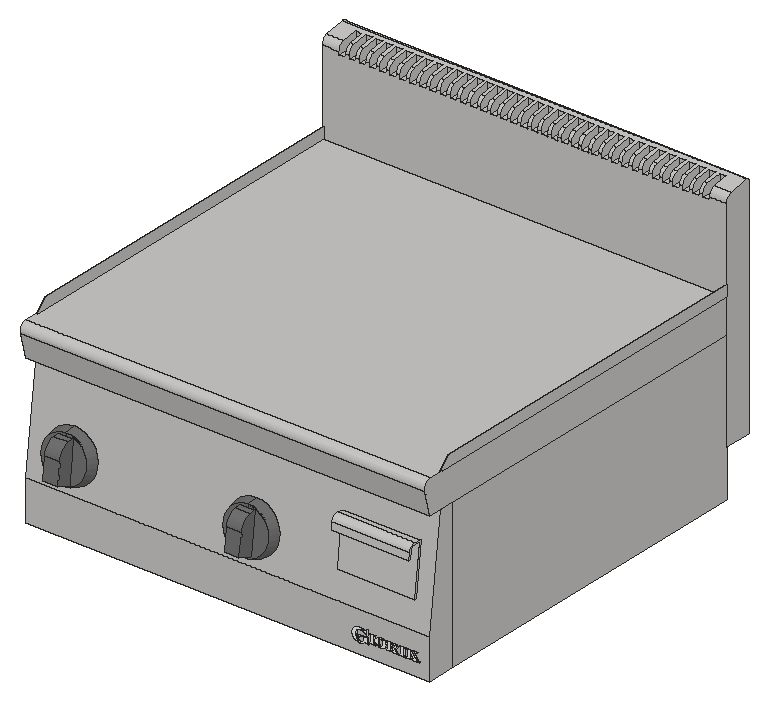
Revit family "QF_GIORIK_LGE6931", category Specialty Equipment, Revit 2014
Parameters (values of type "LGE6931")
  Weight in Pounds = 132.2772
  Watts = 7200 W
  Volts = 230 V
  URL Cutsheet = "www.giorik.com"
  URL = "www.giorik.com"
  Status [instance] = ""
  Specification by User [instance] = ""
  Specification by Manufacturer = ""
  Show Logo [instance] = yes
  Show Clearance [instance] = yes
  Serial Number = ""
  Seismic Rating = ""
  SMACNA No = ""
  Revision Code [instance] = ""
  Phase = 1
  Number of Poles [instance] = 1
  NAFEM Spec ID Number = ""
  Model = "LGE6931"
  Min Ckt Ampacity = 0 A
  Max Overcurrent Protection = 0 A
  Masterspec = ""
  Manufacturer = "GIORIK"
  Item Number [instance] = ""
  Installed By [instance] = ""
  Identify Quantity as Lot [instance] = no
  HP = "9.655344000000"
  Furnished By [instance] = ""
  Foodservice Equipment Identifier [instance] = yes
  FL Amps = 0 A
  Electrical Remarks [instance] = ""
  Electric Connection Type [instance] = ""
  Elec Conn RI Height [instance] = 0 mm
  Elec Conn Connection Height [instance] = 0 mm
  Description = "GRIDDLE SMOOTH"
  Cycle = 50 Hz
  Conn Plug = ""
  CSI MasterFormat = ""
  Assembly Code = "E1090320"
  Apparent Power = 7200 VA
Types (2, lengths in mm): name | Volts | Phase | Number of Poles | Model
  LGE6931 | 230 V | 1 | 1 | "LGE6931"
  LGE6933 | 400 V | 3 | 3 | "LGE6933"
Reference planes
  plane 1 "Back": y = 0
  plane 2: z = 0
  plane 3 "Left": x = 0
  plane 4 "Right": x = 600
  plane 5 "Front": y = -600
  plane 6 "Top": z = 430
Forms (mm)
  Extrusion 1, solid
    sketch origin (0, 1000, -580) x (0, 1, 0) y (0, 0, 1)
      loop
        line (-1040.007, 869.975) -> (-1589.445, 869.975)
        arc (-1589.445, 869.975) -> (-1598.171, 865.672) -> (-1600.069, 856.13) r 10.999
        line (-1600.069, 856.13) -> (-1590.388, 820) -> (-1040.007, 820) -> (-1040.007, 869.975)
    from 0 to 600
  Extrusion 2, solid
    sketch origin (0, 0, -560) x (0, 1, 0) y (0, 0, 1)
      loop
        line (-570.06, 849.975) -> (-40.007, 849.975) -> (-40.007, 865.387) -> (-554.648, 865.387) -> (-570.06, 849.975)
    from 0 to 1.85
  Extrusion 3, solid
    sketch origin (0, 0, -560) x (0, 1, 0) y (0, 0, 1)
      loop
        line (-40.007, 800) -> (-550, 800) -> (-550, 580) -> (-40.007, 580) -> (-40.007, 800)
    from 0 to 600
  Extrusion 4, solid
    sketch origin (0, 0, -560) x (0, 1, 0) y (0, 0, 1)
      loop
        line (-550, 800) -> (-570.5, 800) -> (-590, 640) -> (-590, 580) -> (-550, 580) -> (-550, 800)
    from 0 to 600
  Revolve 5, solid
    sketch origin (75.155, 0.456, -560.03) x (0, 1, 0) y (0, 0, 1)
      loop
        line (-598.03, 706.389) -> (-594.27, 737.013) -> (-609.648, 734.852) -> (-613.772, 701.269) -> (-581.482, 697.305) -> (-580.629, 704.252) -> (-598.03, 706.389)
      axis (-581.482, 697.305) -> (-613.772, 701.269)
    angle from 0 to 360
  Extrusion 6, solid
    sketch origin (598.094, 0, -560) x (0, 1, 0) y (0, 0, 1)
      loop
        line (-570.06, 849.975) -> (-40.007, 849.975) -> (-40.007, 865.387) -> (-554.648, 865.387) -> (-570.06, 849.975)
    from -0.15 to 1.906
  Extrusion 7, solid
    sketch origin (0, 0, -560) x (0, 1, 0) y (0, 0, 1)
      loop
        line (-40.007, 974.217) -> (-40.007, 650.827) -> (0, 650.827) -> (0, 988.42)
        arc (0, 988.42) -> (-0.57, 989.648) -> (-1.878, 990) r 1.6
        line (-1.878, 990) -> (-31.072, 984.852)
        arc (-31.072, 984.852) -> (-37.477, 981.162) -> (-40.007, 974.217) r 10.797
    from 0 to 600
  Extrusion 8, solid
    sketch origin (-87.831, 0.456, -560.03) x (0, 1, 0) y (0, 0, 1)
      loop
        line (-635.843, 711.553) -> (-639.647, 680.575) -> (-617.415, 671.593) -> (-610.135, 730.882) -> (-617.934, 729.786)
        arc (-617.934, 729.786) -> (-629.982, 723.708) -> (-635.843, 711.553) r 20.998
    from 151.831 to 173.831
  Revolve 9, solid
    sketch origin (345.155, 0.456, -560.03) x (0, 1, 0) y (0, 0, 1)
      loop
        line (-598.03, 706.389) -> (-594.27, 737.013) -> (-609.648, 734.852) -> (-613.772, 701.269) -> (-581.482, 697.305) -> (-580.629, 704.252) -> (-598.03, 706.389)
      axis (-581.482, 697.305) -> (-613.772, 701.269)
    angle from 0 to 360
  Extrusion 10, solid
    sketch origin (182.169, 0.456, -560.03) x (0, 1, 0) y (0, 0, 1)
      loop
        line (-635.843, 711.553) -> (-639.647, 680.575) -> (-617.415, 671.593) -> (-610.135, 730.882) -> (-617.934, 729.786)
        arc (-617.934, 729.786) -> (-629.982, 723.708) -> (-635.843, 711.553) r 20.998
    from 151.831 to 173.831
  Extrusion 11, solid
    sketch origin (568.319, 0, -561) x (1, 0, 0) y (0, 0, 1)
      loop
        circle (-38.319, 606) r 12.5
    from 20.007 to 40.007
  Extrusion 12, solid, visible <- "Show Logo"
    sketch origin (391.604, -590.5, -6.113) x (-1, 0, 0) y (0, 0, 1)
      loop
        line (-118.824, 58.358) -> (-127.804, 58.358) -> (-125.523, 56.445) -> (-125.523, 48.027) -> (-127.804, 46.113) -> (-118.824, 46.113) -> (-121.105, 48.027) -> (-121.105, 56.445) -> (-118.824, 58.358)
      loop
        line (-163.721, 58.358) -> (-172.7, 58.358) -> (-170.42, 56.445) -> (-170.42, 48.027) -> (-172.7, 46.113) -> (-163.721, 46.113) -> (-166.001, 48.027) -> (-166.001, 56.445) -> (-163.721, 58.358)
      loop
        line (-174.332, 58.358) -> (-183.312, 58.358) -> (-181.031, 56.445) -> (-181.031, 52.435) -> (-186.419, 56.955) -> (-184.416, 58.358) -> (-191.268, 58.358) -> (-188.01, 56.839) -> (-185.455, 54.283) -> (-190.846, 47.858) -> (-193.396, 46.93) -> (-193.396, 46.113) -> (-184.416, 46.113) -> (-185.437, 47.571) -> (-182.443, 51.552) -> (-181.031, 50.894) -> (-181.031, 48.027) -> (-183.312, 46.113) -> (-174.332, 46.113) -> (-176.613, 48.027) -> (-176.613, 56.445) -> (-174.332, 58.358)
      loop
        line (-115.429, 62.063) -> (-115.429, 54.198)
        arc (-115.429, 54.198) -> (-111.618, 57.803) -> (-106.847, 59.986) r 16.039
        arc (-106.847, 59.986) -> (-103.314, 59.837) -> (-100.512, 57.68) r 5.851
        arc (-100.512, 57.68) -> (-98.815, 52.267) -> (-100.512, 46.853) r 9.479
        arc (-100.512, 46.853) -> (-102.406, 44.986) -> (-104.846, 43.93) r 7.236
        arc (-104.846, 43.93) -> (-107.728, 44.111) -> (-110.052, 45.825) r 5.11
        line (-110.052, 45.825) -> (-110.052, 52.001) -> (-116.141, 52.001) -> (-116.141, 45.503) -> (-117.893, 43.751) -> (-114.094, 44.769)
        arc (-114.094, 44.769) -> (-112.56, 44.947) -> (-111.129, 44.366) r 3.115
        arc (-111.129, 44.366) -> (-104.216, 42.091) -> (-97.303, 44.366) r 11.641
        arc (-97.303, 44.366) -> (-93.396, 52.107) -> (-97.303, 59.849) r 9.622
        arc (-97.303, 59.849) -> (-104.369, 62.174) -> (-111.435, 59.849) r 11.898
        line (-111.435, 59.849) -> (-115.429, 62.063)
      loop
        arc (-129.234, 56.068) -> (-135.893, 58.628) -> (-142.552, 56.068) r 9.941
        arc (-142.552, 56.068) -> (-144.234, 52.286) -> (-142.552, 48.505) r 5.093
        arc (-142.552, 48.505) -> (-135.893, 45.945) -> (-129.234, 48.505) r 9.941
        arc (-129.234, 48.505) -> (-127.552, 52.286) -> (-129.234, 56.068) r 5.093
      loop
        arc (-132.628, 54.403) -> (-135.893, 57.668) -> (-139.158, 54.403) r 3.265
        line (-139.158, 54.403) -> (-139.158, 50.169)
        arc (-139.158, 50.169) -> (-135.893, 46.904) -> (-132.628, 50.169) r 3.265
        line (-132.628, 50.169) -> (-132.628, 54.403)
      loop
        arc (-156.363, 58.365) -> (-159.647, 55.081) -> (-156.363, 51.796) r 3.285
        line (-156.363, 51.796) -> (-159.529, 47.306) -> (-162.087, 46.113) -> (-155.847, 46.113) -> (-153.529, 51.083) -> (-150.637, 51.083) -> (-150.637, 47.784) -> (-153.022, 46.113) -> (-144.011, 46.113) -> (-146.094, 47.68) -> (-146.094, 56.493) -> (-144.229, 58.365) -> (-156.363, 58.365)
      loop
        line (-150.637, 57.512) -> (-153.637, 57.512)
        arc (-153.637, 57.512) -> (-156.237, 54.912) -> (-153.637, 52.312) r 2.6
        line (-153.637, 52.312) -> (-150.637, 52.312) -> (-150.637, 57.512)
      loop
        line (-108.924, 52.001) -> (-104.936, 49.005) -> (-100.948, 52.001) -> (-108.924, 52.001)
    from 1.5 to -0.5
  Extrusion 13, void
    sketch origin (10, 0, 430) x (0, 1, 0) y (-1, 0, 0)
      loop
        line (-40.007, -25) -> (-9.931, -25) -> (-9.931, -15) -> (-40.007, -15) -> (-40.007, -25)
      loop
        line (-40.007, -40) -> (-9.931, -40) -> (-9.931, -30) -> (-40.007, -30) -> (-40.007, -40)
      loop
        line (-40.007, -55) -> (-9.931, -55) -> (-9.931, -45) -> (-40.007, -45) -> (-40.007, -55)
      loop
        line (-40.007, -70) -> (-9.931, -70) -> (-9.931, -60) -> (-40.007, -60) -> (-40.007, -70)
      loop
        line (-40.007, -85) -> (-9.931, -85) -> (-9.931, -75) -> (-40.007, -75) -> (-40.007, -85)
      loop
        line (-40.007, -100) -> (-9.931, -100) -> (-9.931, -90) -> (-40.007, -90) -> (-40.007, -100)
      loop
        line (-40.007, -115) -> (-9.931, -115) -> (-9.931, -105) -> (-40.007, -105) -> (-40.007, -115)
      loop
        line (-40.007, -130) -> (-9.931, -130) -> (-9.931, -120) -> (-40.007, -120) -> (-40.007, -130)
      loop
        line (-40.007, -145) -> (-9.931, -145) -> (-9.931, -135) -> (-40.007, -135) -> (-40.007, -145)
      loop
        line (-40.007, -160) -> (-9.931, -160) -> (-9.931, -150) -> (-40.007, -150) -> (-40.007, -160)
      loop
        line (-40.007, -175) -> (-9.931, -175) -> (-9.931, -165) -> (-40.007, -165) -> (-40.007, -175)
      loop
        line (-40.007, -190) -> (-9.931, -190) -> (-9.931, -180) -> (-40.007, -180) -> (-40.007, -190)
      loop
        line (-40.007, -205) -> (-9.931, -205) -> (-9.931, -195) -> (-40.007, -195) -> (-40.007, -205)
      loop
        line (-40.007, -220) -> (-9.931, -220) -> (-9.931, -210) -> (-40.007, -210) -> (-40.007, -220)
      loop
        line (-40.007, -235) -> (-9.931, -235) -> (-9.931, -225) -> (-40.007, -225) -> (-40.007, -235)
      loop
        line (-40.007, -250) -> (-9.931, -250) -> (-9.931, -240) -> (-40.007, -240) -> (-40.007, -250)
      loop
        line (-40.007, -265) -> (-9.931, -265) -> (-9.931, -255) -> (-40.007, -255) -> (-40.007, -265)
      loop
        line (-40.007, -280) -> (-9.931, -280) -> (-9.931, -270) -> (-40.007, -270) -> (-40.007, -280)
      loop
        line (-40.007, -295) -> (-9.931, -295) -> (-9.931, -285) -> (-40.007, -285) -> (-40.007, -295)
      loop
        line (-40.007, -310) -> (-9.931, -310) -> (-9.931, -300) -> (-40.007, -300) -> (-40.007, -310)
      loop
        line (-40.007, -325) -> (-9.931, -325) -> (-9.931, -315) -> (-40.007, -315) -> (-40.007, -325)
      loop
        line (-40.007, -340) -> (-9.931, -340) -> (-9.931, -330) -> (-40.007, -330) -> (-40.007, -340)
      loop
        line (-40.007, -355) -> (-9.931, -355) -> (-9.931, -345) -> (-40.007, -345) -> (-40.007, -355)
      loop
        line (-40.007, -370) -> (-9.931, -370) -> (-9.931, -360) -> (-40.007, -360) -> (-40.007, -370)
      loop
        line (-40.007, -385) -> (-9.931, -385) -> (-9.931, -375) -> (-40.007, -375) -> (-40.007, -385)
      loop
        line (-40.007, -400) -> (-9.931, -400) -> (-9.931, -390) -> (-40.007, -390) -> (-40.007, -400)
      loop
        line (-40.007, -415) -> (-9.931, -415) -> (-9.931, -405) -> (-40.007, -405) -> (-40.007, -415)
      loop
        line (-40.007, -430) -> (-9.931, -430) -> (-9.931, -420) -> (-40.007, -420) -> (-40.007, -430)
      loop
        line (-40.007, -445) -> (-9.931, -445) -> (-9.931, -435) -> (-40.007, -435) -> (-40.007, -445)
      loop
        line (-40.007, -460) -> (-9.931, -460) -> (-9.931, -450) -> (-40.007, -450) -> (-40.007, -460)
      loop
        line (-40.007, -475) -> (-9.931, -475) -> (-9.931, -465) -> (-40.007, -465) -> (-40.007, -475)
      loop
        line (-40.007, -490) -> (-9.931, -490) -> (-9.931, -480) -> (-40.007, -480) -> (-40.007, -490)
      loop
        line (-40.007, -505) -> (-9.931, -505) -> (-9.931, -495) -> (-40.007, -495) -> (-40.007, -505)
      loop
        line (-40.007, -520) -> (-9.931, -520) -> (-9.931, -510) -> (-40.007, -510) -> (-40.007, -520)
      loop
        line (-40.007, -535) -> (-9.931, -535) -> (-9.931, -525) -> (-40.007, -525) -> (-40.007, -535)
      loop
        line (-40.007, -550) -> (-9.931, -550) -> (-9.931, -540) -> (-40.007, -540) -> (-40.007, -550)
      loop
        line (-40.007, -565) -> (-9.931, -565) -> (-9.931, -555) -> (-40.007, -555) -> (-40.007, -565)
    from 0 to -20
  Extrusion 14, solid
    sketch origin (566.603, 15.293, -30) x (0, 1, 0) y (-1, 0, 0)
      loop
        circle (-79.293, 516.603) r 5
    from 41.965 to 50
  Revolve 15, solid
    sketch origin (50, 19.943, -600) x (0, 1, 0) y (0, 0, 1)
      loop
        line (-83.943, 611.965) -> (-94.752, 611.965) -> (-97.943, 600) -> (-83.943, 600) -> (-83.943, 611.965)
      axis (-83.943, 611.965) -> (-83.943, 600)
    angle from 0 to 360
  Extrusion 16, solid
    sketch origin (33.397, 15.293, -30) x (0, 1, 0) y (-1, 0, 0)
      loop
        circle (-79.293, -516.603) r 5
    from 41.965 to 50
  Revolve 17, solid
    sketch origin (550, 19.943, -600) x (0, 1, 0) y (0, 0, -1)
      loop
        line (-83.943, -611.965) -> (-83.943, -600) -> (-97.943, -600) -> (-94.752, -611.965) -> (-83.943, -611.965)
      axis (-83.943, -611.965) -> (-83.943, -600)
    angle from 0 to 360
  Extrusion 18, solid
    sketch origin (566.603, -459.707, -30) x (0, 1, 0) y (-1, 0, 0)
      loop
        circle (-79.293, 516.603) r 5
    from 41.965 to 50
  Revolve 19, solid
    sketch origin (50, -455.057, -600) x (0, 1, 0) y (0, 0, 1)
      loop
        line (-83.943, 611.965) -> (-94.752, 611.965) -> (-97.943, 600) -> (-83.943, 600) -> (-83.943, 611.965)
      axis (-83.943, 611.965) -> (-83.943, 600)
    angle from 0 to 360
  Extrusion 20, solid
    sketch origin (33.397, -459.707, -30) x (0, 1, 0) y (-1, 0, 0)
      loop
        circle (-79.293, -516.603) r 5
    from 41.965 to 50
  Revolve 21, solid
    sketch origin (550, -455.057, -600) x (0, 1, 0) y (0, 0, -1)
      loop
        line (-83.943, -611.965) -> (-83.943, -600) -> (-97.943, -600) -> (-94.752, -611.965) -> (-83.943, -611.965)
      axis (-83.943, -611.965) -> (-83.943, -600)
    angle from 0 to 360
  Extrusion 22, solid
    sketch origin (322.5, -693.34, -437.283) x (0, 0.992655, -0.12098) y (0, 0.12098, 0.992655)
      loop
        line (40, 640.1) -> (30, 640.1)
        arc (30, 640.1) -> (22.929, 637.171) -> (20, 630.1) r 10
        line (20, 630.1) -> (20, 620.1) -> (22, 620.1) -> (22, 630.1)
        arc (22, 630.1) -> (24.343, 635.757) -> (30, 638.1) r 8
        line (30, 638.1) -> (38, 638.1) -> (38, 565.1) -> (40, 565.1) -> (40, 640.1)
    from 137.5 to 252.5
Cuts and joins
  Extrusion 13 cuts Extrusion 7
Lines and regions (mm)
  symbolic lines, style "200-EquipBorder-2D"
    curve 1: line (600, 0, 0) -> (0, 0, 0)
    curve 2: line (0, 0, 0) -> (0, -600, 0)
    curve 119: line (600, -600, 430) -> (600, 0, 430)
    curve 120: line (600, -600, 430) -> (0, -600, 430)
    curve 121: spline (64, -617.202, 990) -> (60.789, -617.041, 990) -> (57.73, -616.841, 990) -> (54.856, -616.604, 990) -> (52.196, -616.332, 990) -> (49.779, -616.028, 990) -> (47.63, -615.696, 990) -> (45.772, -615.338, 990) -> (44.225, -614.96, 990) -> (43.004, -614.563, 990) -> (42.122, -614.154, 990) -> (41.59, -613.736, 990) -> (41.412, -613.313, 990)
    curve 122: spline (109.073, -613.408, 990) -> (108.819, -613.826, 990) -> (108.218, -614.239, 990) -> (107.275, -614.643, 990) -> (106.001, -615.033, 990) -> (104.408, -615.405, 990) -> (102.513, -615.755, 990) -> (100.336, -616.08, 990) -> (97.898, -616.376, 990) -> (95.227, -616.641, 990) -> (92.348, -616.871, 990) -> (89.293, -617.065, 990) -> (86.091, -617.219, 990)
    curve 123: line (41.412, -613.313, 990) -> (37.735, -600, 990)
    curve 124: line (109.073, -613.408, 990) -> (112.578, -600, 990)
    curve 125: line (64, -639.19, 430) -> (64, -609.679, 430)
    curve 126: line (64, -639.19, 430) -> (86, -639.19, 430)
    curve 127: line (86, -639.19, 430) -> (86, -609.679, 430)
    curve 128: spline (41.412, -613.313, 430) -> (42.564, -612.264, 430) -> (45.941, -611.286, 430) -> (51.314, -610.446, 430) -> (58.316, -609.802, 430) -> (66.47, -609.396, 430) -> (75.22, -609.258, 430) -> (83.97, -609.396, 430) -> (92.124, -609.802, 430) -> (99.126, -610.446, 430) -> (104.499, -611.286, 430) -> (107.877, -612.264, 430) -> (109.029, -613.313, 430)
    curve 129: line (64, -609.679, 430) -> (86, -609.679, 430)
    curve 130: spline (334, -617.202, 990) -> (330.789, -617.041, 990) -> (327.73, -616.841, 990) -> (324.856, -616.604, 990) -> (322.196, -616.332, 990) -> (319.779, -616.028, 990) -> (317.63, -615.696, 990) -> (315.772, -615.338, 990) -> (314.225, -614.96, 990) -> (313.004, -614.563, 990) -> (312.122, -614.154, 990) -> (311.59, -613.736, 990) -> (311.412, -613.313, 990)
    curve 131: spline (379.073, -613.408, 990) -> (378.819, -613.826, 990) -> (378.218, -614.239, 990) -> (377.275, -614.643, 990) -> (376.001, -615.033, 990) -> (374.408, -615.405, 990) -> (372.513, -615.755, 990) -> (370.336, -616.08, 990) -> (367.898, -616.376, 990) -> (365.227, -616.641, 990) -> (362.348, -616.871, 990) -> (359.293, -617.065, 990) -> (356.091, -617.219, 990)
    curve 132: line (311.412, -613.313, 990) -> (307.735, -600, 990)
    curve 133: line (379.073, -613.408, 990) -> (382.578, -600, 990)
    curve 134: line (334, -639.19, 430) -> (334, -609.679, 430)
    curve 135: line (334, -639.19, 430) -> (356, -639.19, 430)
    curve 136: line (356, -639.19, 430) -> (356, -609.679, 430)
    curve 137: spline (311.412, -613.313, 430) -> (312.564, -612.264, 430) -> (315.941, -611.286, 430) -> (321.314, -610.446, 430) -> (328.316, -609.802, 430) -> (336.47, -609.396, 430) -> (345.22, -609.258, 430) -> (353.97, -609.396, 430) -> (362.124, -609.802, 430) -> (369.126, -610.446, 430) -> (374.499, -611.286, 430) -> (377.877, -612.264, 430) -> (379.029, -613.313, 430)
    curve 138: line (334, -609.679, 430) -> (356, -609.679, 430)
  symbolic lines, style "200-EquipInternal-2D"
    curve 3: line (600, -40.007, 430) -> (0, -40.007, 430)
    curve 4: line (597.944, -570.06, 430) -> (600, -570.06, 430)
    curve 5: line (597.944, -40.007, 430) -> (597.944, -570.06, 430)
    curve 6: line (0, -570.06, 430) -> (1.85, -570.06, 430)
    curve 7: line (1.85, -570.06, 430) -> (1.85, -40.007, 430)
    curve 8: line (25, -9.931, 290) -> (25, -40.007, 290)
    curve 9: line (35, -40.007, 290) -> (35, -9.931, 290)
    curve 10: line (40, -9.931, 290) -> (40, -40.007, 290)
    curve 11: line (50, -40.007, 290) -> (50, -9.931, 290)
    curve 12: line (55, -9.931, 290) -> (55, -40.007, 290)
    curve 13: line (65, -40.007, 290) -> (65, -9.931, 290)
    curve 14: line (85, -9.931, 290) -> (85, -40.007, 290)
    curve 15: line (95, -40.007, 290) -> (95, -9.931, 290)
    curve 16: line (100, -9.931, 290) -> (100, -40.007, 290)
    curve 17: line (110, -40.007, 290) -> (110, -9.931, 290)
    curve 18: line (140, -40.007, 290) -> (140, -9.931, 290)
    curve 19: line (130, -9.931, 290) -> (130, -40.007, 290)
    curve 20: line (155, -40.007, 290) -> (155, -9.931, 290)
    curve 21: line (160, -9.931, 290) -> (160, -40.007, 290)
    curve 22: line (170, -40.007, 290) -> (170, -9.931, 290)
    curve 23: line (145, -9.931, 290) -> (145, -40.007, 290)
    curve 24: line (200, -40.007, 290) -> (200, -9.931, 290)
    curve 25: line (190, -9.931, 290) -> (190, -40.007, 290)
    curve 26: line (205, -9.931, 290) -> (205, -40.007, 290)
    curve 27: line (215, -40.007, 290) -> (215, -9.931, 290)
    curve 28: line (220, -9.931, 290) -> (220, -40.007, 290)
    curve 29: line (230, -40.007, 290) -> (230, -9.931, 290)
    curve 30: line (250, -9.931, 290) -> (250, -40.007, 290)
    curve 31: line (260, -40.007, 290) -> (260, -9.931, 290)
    curve 32: line (265, -9.931, 290) -> (265, -40.007, 290)
    curve 33: line (275, -40.007, 290) -> (275, -9.931, 290)
    curve 34: line (280, -9.931, 290) -> (280, -40.007, 290)
    curve 35: line (290, -40.007, 290) -> (290, -9.931, 290)
    curve 36: line (320, -40.007, 290) -> (320, -9.931, 290)
    curve 37: line (310, -9.931, 290) -> (310, -40.007, 290)
    curve 38: line (335, -40.007, 290) -> (335, -9.931, 290)
    curve 39: line (325, -9.931, 290) -> (325, -40.007, 290)
    curve 40: line (340, -9.931, 290) -> (340, -40.007, 290)
    curve 41: line (350, -40.007, 290) -> (350, -9.931, 290)
    curve 42: line (370, -9.931, 290) -> (370, -40.007, 290)
    curve 43: line (380, -40.007, 290) -> (380, -9.931, 290)
    curve 44: line (385, -9.931, 290) -> (385, -40.007, 290)
    curve 45: line (395, -9.931, 290) -> (385, -9.931, 290)
    curve 46: line (380, -9.931, 290) -> (370, -9.931, 290)
    curve 47: line (350, -9.931, 290) -> (340, -9.931, 290)
    curve 48: line (335, -9.931, 290) -> (325, -9.931, 290)
    curve 49: line (320, -9.931, 290) -> (310, -9.931, 290)
    curve 50: line (275, -9.931, 290) -> (265, -9.931, 290)
    curve 51: line (110, -9.931, 290) -> (100, -9.931, 290)
    curve 52: line (95, -9.931, 290) -> (85, -9.931, 290)
    curve 53: line (65, -9.931, 290) -> (55, -9.931, 290)
    curve 54: line (35, -9.931, 290) -> (25, -9.931, 290)
    curve 55: line (140, -9.931, 290) -> (130, -9.931, 290)
    curve 56: line (155, -9.931, 290) -> (145, -9.931, 290)
    curve 57: line (170, -9.931, 290) -> (160, -9.931, 290)
    curve 58: line (200, -9.931, 290) -> (190, -9.931, 290)
    curve 59: line (215, -9.931, 290) -> (205, -9.931, 290)
    curve 60: line (230, -9.931, 290) -> (220, -9.931, 290)
    curve 61: line (260, -9.931, 290) -> (250, -9.931, 290)
    curve 62: line (50, -9.931, 290) -> (40, -9.931, 290)
    curve 63: line (70, -9.931, 430) -> (70, -40.007, 430)
    curve 64: line (80, -40.007, 430) -> (80, -9.931, 430)
    curve 65: line (80, -9.931, 430) -> (70, -9.931, 430)
    curve 66: line (115, -9.931, 430) -> (115, -40.007, 430)
    curve 67: line (125, -40.007, 430) -> (125, -9.931, 430)
    curve 68: line (125, -9.931, 430) -> (115, -9.931, 430)
    curve 69: line (175, -9.931, 430) -> (175, -40.007, 430)
    curve 70: line (185, -40.007, 430) -> (185, -9.931, 430)
    curve 71: line (185, -9.931, 430) -> (175, -9.931, 430)
    curve 72: line (235, -9.931, 430) -> (235, -40.007, 430)
    curve 73: line (245, -40.007, 430) -> (245, -9.931, 430)
    curve 74: line (245, -9.931, 430) -> (235, -9.931, 430)
    curve 75: line (290, -9.931, 430) -> (280, -9.931, 430)
    curve 76: line (305, -9.931, 430) -> (295, -9.931, 430)
    curve 77: line (295, -9.931, 430) -> (295, -40.007, 430)
    curve 78: line (305, -40.007, 430) -> (305, -9.931, 430)
    curve 79: line (355, -9.931, 430) -> (355, -40.007, 430)
    curve 80: line (365, -40.007, 430) -> (365, -9.931, 430)
    curve 81: line (365, -9.931, 430) -> (355, -9.931, 430)
    curve 82: line (395, -40.007, 430) -> (395, -9.931, 430)
    curve 83: line (400, -9.931, 430) -> (400, -40.007, 430)
    curve 84: line (410, -40.007, 430) -> (410, -9.931, 430)
    curve 85: line (410, -9.931, 430) -> (400, -9.931, 430)
    curve 86: line (425, -9.931, 430) -> (415, -9.931, 430)
    curve 87: line (415, -9.931, 430) -> (415, -40.007, 430)
    curve 88: line (425, -40.007, 430) -> (425, -9.931, 430)
    curve 89: line (430, -9.931, 430) -> (430, -40.007, 430)
    curve 90: line (440, -40.007, 430) -> (440, -9.931, 430)
    curve 91: line (440, -9.931, 430) -> (430, -9.931, 430)
    curve 92: line (445, -9.931, 430) -> (445, -40.007, 430)
    curve 93: line (455, -40.007, 430) -> (455, -9.931, 430)
    curve 94: line (460, -9.931, 430) -> (460, -40.007, 430)
    curve 95: line (470, -40.007, 430) -> (470, -9.931, 430)
    curve 96: line (475, -9.931, 430) -> (475, -40.007, 430)
    curve 97: line (485, -40.007, 430) -> (485, -9.931, 430)
    curve 98: line (490, -9.931, 430) -> (490, -40.007, 430)
    curve 99: line (500, -40.007, 430) -> (500, -9.931, 430)
    curve 100: line (505, -9.931, 430) -> (505, -40.007, 430)
    curve 101: line (515, -40.007, 430) -> (515, -9.931, 430)
    curve 102: line (520, -9.931, 430) -> (520, -40.007, 430)
    curve 103: line (530, -40.007, 430) -> (530, -9.931, 430)
    curve 104: line (535, -9.931, 430) -> (535, -40.007, 430)
    curve 105: line (545, -40.007, 430) -> (545, -9.931, 430)
    curve 106: line (550, -9.931, 430) -> (550, -40.007, 430)
    curve 107: line (560, -40.007, 430) -> (560, -9.931, 430)
    curve 108: line (565, -9.931, 430) -> (565, -40.007, 430)
    curve 109: line (455, -9.931, 430) -> (445, -9.931, 430)
    curve 110: line (470, -9.931, 430) -> (460, -9.931, 430)
    curve 111: line (485, -9.931, 430) -> (475, -9.931, 430)
    curve 112: line (500, -9.931, 430) -> (490, -9.931, 430)
    curve 113: line (515, -9.931, 430) -> (505, -9.931, 430)
    curve 114: line (530, -9.931, 430) -> (520, -9.931, 430)
    curve 115: line (545, -9.931, 430) -> (535, -9.931, 430)
    curve 116: line (560, -9.931, 430) -> (550, -9.931, 430)
    curve 117: line (575, -9.931, 430) -> (565, -9.931, 430)
    curve 118: line (575, -40.007, 430) -> (575, -9.931, 430)
Dimensions and locks
  plane 3 "Left" to plane 4 "Right" = 600 mm
  plane 5 "Front" to plane 1 "Back" = 600 mm
  plane 4 "Right" to plane 3 "Left" = 600 mm
  plane 1 "Back" to plane 5 "Front" = 600 mm
  plane 6 "Top" to level = 430 mm  (x2)
  aligned and locked: level to plane 2
Connectors
  electrical at (530, -20.007, 45), driven by "Apparent Power", driven by "Volts", driven by "Number of Poles"
    settings: on Extrusion 11, index 1, voltage 230 V, apparent load 0 VA, apparent load phase1 7200 VA, apparent load phase2 0 VA, apparent load phase3 0 VA, power factor 1, load classification "Other", number of poles 1, system type 31, power factor state 1, is connector primary yes, connector utility no, sub classification motor no, connector description "Electrical connection"
